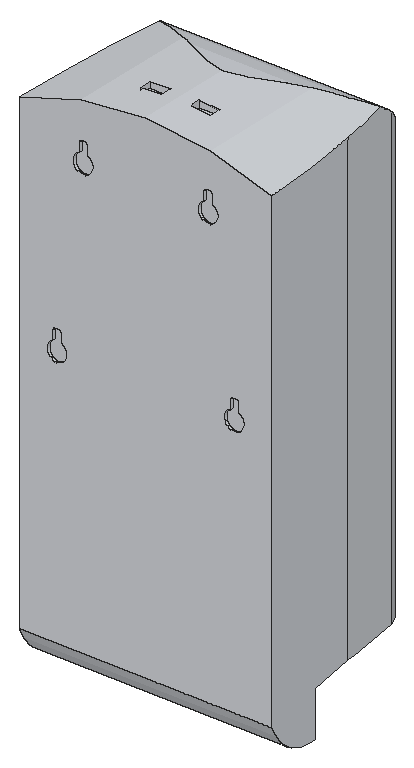
Revit family "AX9428-F-W_0002", category Appareils sanitaires, Revit 2016
Family settings
  Hôte = Mur
  Type d'élément = Normal
  Cote de connecteur circulaire = Utiliser le diamètre
  Numéro OmniClass = 23.75.00.00
  Titre OmniClass = Climate Control (HVAC)
  Toujours verticalement = Oui
  Couper avec des vides une fois chargée = Non
  Partagée = Non
  Point de calcul de pièce = Non
Parameters (values of type "Type 1")
  URL = "https://www.axeuro.com/fr/distributeurs-de-savon-automatiques/26163-distributeur-de-savon-mousse-ax9428-f-w-3700926008612.html"
  Type de produit / Type of product = "Distributeur automatique de savon mousse / Automatic foam soap dispenser"  # constant formula
  Référence / Reference = "AX9428-F-W"  # constant formula
  Model = ""
  Manufacturer = ""
  Entreprise / Company = "Axeuro"  # constant formula
  Description = ""
Reference planes
  plane 1 "Mur": y = 0
  plane 2 "Centre (gauche/droite)": x = 0
  plane 3 "Arrière": y = 75
Forms (mm)
  Extrusion 1, solid
    sketch origin (-77.512, -843.29, 697.011) x (1, 0, 0) y (0, 1, 0)
      loop
        arc (131.512, 918.29) -> (130.153, 940.821) -> (128.012, 963.29) r 649.548
        arc (128.012, 963.29) -> (126.063, 977.837) -> (123.512, 992.29) r 353.068
        arc (123.512, 992.29) -> (115.839, 1002.832) -> (104.512, 1009.29) r 31.018
        arc (104.512, 1009.29) -> (91.171, 1012.368) -> (77.512, 1013.29) r 86.032
        arc (77.512, 1013.29) -> (63.852, 1012.368) -> (50.512, 1009.29) r 86.032
        arc (50.512, 1009.29) -> (39.184, 1002.832) -> (31.512, 992.29) r 31.018
        arc (31.512, 992.29) -> (28.96, 977.837) -> (27.012, 963.29) r 353.068
        arc (27.012, 963.29) -> (24.871, 940.821) -> (23.512, 918.29) r 649.548
        line (23.512, 918.29) -> (131.512, 918.29)
    from 19 to 250
  Extrusion 2, void
    sketch origin (0, 0, 0) x (0, 1, 0) y (0, 0, 1)
      loop
        line (75, 947.011) -> (116, 947.011)
        arc (116, 947.011) -> (145.264, 936.029) -> (164, 911.011) r 55.682
        arc (164, 911.011) -> (168.938, 842.1) -> (169, 773.011) r 978.153
        arc (169, 773.011) -> (167.893, 733.278) -> (166.162, 693.567) r 2533.882
        line (166.162, 693.567) -> (199, 693.567) -> (199, 951.011) -> (75, 951.011) -> (75, 947.011)
    from -80.116 to 80
  Extrusion 3, void
    sketch origin (0, 75, 0) x (1, 0, 0) y (0, 0, 1)
      loop
        line (54, 936.011) -> (64, 936.011) -> (64, 956.011) -> (-62.501, 956.011) -> (-62.501, 936.011) -> (-54, 936.011)
        arc (-54, 936.011) -> (0, 947.011) -> (54, 936.011) r 138.045
    from -132.668 to 15.486
  Extrusion 4, void
    sketch origin (0, 75, 39) x (1, 0, 0) y (0, 0, 1)
      loop
        line (52.604, 677.014) -> (52.604, 695.511)
        arc (52.604, 695.511) -> (51.871, 697.281) -> (50.102, 698.014) r 2.502
        arc (50.102, 698.014) -> (25.078, 696.225) -> (0, 695.511) r 584.194
        arc (0, 695.511) -> (-25.078, 696.225) -> (-50.102, 698.014) r 584.194
        arc (-50.102, 698.014) -> (-51.871, 697.281) -> (-52.604, 695.511) r 2.502
        line (-52.604, 695.511) -> (-52.604, 677.014) -> (52.604, 677.014)
    from -109.954 to -25
  Extrusion 5, void
    sketch origin (0, 0, 39) x (0, 1, 0) y (0, 0, 1)
      loop
        line (75, 677.011) -> (98, 677.011)
        arc (98, 677.011) -> (83.991, 681.405) -> (75, 693.011) r 24.531
        line (75, 693.011) -> (75, 677.011)
    from -80.116 to 80
  Extrusion 6, void
    sketch origin (112.858, 75, 26.939) x (1, 0, 0) y (0, 0, 1)
      loop
        arc (-111.303, 844.075) -> (-112.858, 845.073) -> (-114.413, 844.075) r 1.711
        arc (-114.413, 844.075) -> (-121.302, 831.496) -> (-126.349, 818.073) r 101.512
        arc (-126.349, 818.073) -> (-112.858, 805.073) -> (-99.367, 818.073) r 13.5
        arc (-99.367, 818.073) -> (-104.414, 831.496) -> (-111.303, 844.075) r 101.512
    from -95.83 to -91.001
  Extrusion 7, void
    sketch origin (50.861, -108.869, 0) x (1, 0, 0) y (0, 1, 0)
      loop
        line (-65.861, 204.869) -> (-65.861, 199.869) -> (-56.861, 199.869) -> (-56.861, 204.869) -> (-65.861, 204.869)
    from 943.887 to 949.708
  Extrusion 8, void
    sketch origin (-50.861, -108.869, 0) x (-1, 0, 0) y (0, -1, 0)
      loop
        line (-65.861, -204.869) -> (-56.861, -204.869) -> (-56.861, -199.869) -> (-65.861, -199.869) -> (-65.861, -204.869)
    from 943.887 to 949.708
  Extrusion 9, void
    sketch origin (0, 75, 5.868) x (1, 0, 0) y (0, 0, 1)
      loop
        circle (0, 814.143) r 3
    from -95.83 to -92.164
  Extrusion 10, void
    sketch origin (-82.664, 0, 30.78) x (1, 0, 0) y (0, 0, 1)
      loop
        arc (107.614, 893.102) -> (109.414, 885.002) -> (111.214, 893.102) r 4.25
        line (111.214, 893.102) -> (111.214, 897.067)
        arc (111.214, 897.067) -> (109.414, 898.232) -> (107.614, 897.067) r 1.974
        line (107.614, 897.067) -> (107.614, 893.102)
    from -76.045 to -75
  Extrusion 11, void
    sketch origin (71.414, 0, -45.22) x (-1, 0, 0) y (0, 0, -1)
      loop
        line (107.614, -893.102) -> (107.614, -897.067)
        arc (107.614, -897.067) -> (109.414, -898.232) -> (111.214, -897.067) r 1.974
        line (111.214, -897.067) -> (111.214, -893.102)
        arc (111.214, -893.102) -> (109.414, -885.002) -> (107.614, -893.102) r 4.25
    from -76.045 to -75
  Extrusion 12, void
    sketch origin (-136.164, 0, 30.78) x (1, 0, 0) y (0, 0, 1)
      loop
        arc (107.614, 893.102) -> (109.414, 885.002) -> (111.214, 893.102) r 4.25
        line (111.214, 893.102) -> (111.214, 897.067)
        arc (111.214, 897.067) -> (109.414, 898.232) -> (107.614, 897.067) r 1.974
        line (107.614, 897.067) -> (107.614, 893.102)
    from -76.045 to -75
  Extrusion 13, void
    sketch origin (-71.414, 0, -45.22) x (1, 0, 0) y (0, 0, 1)
      loop
        arc (107.614, 893.102) -> (109.414, 885.002) -> (111.214, 893.102) r 4.25
        line (111.214, 893.102) -> (111.214, 897.067)
        arc (111.214, 897.067) -> (109.414, 898.232) -> (107.614, 897.067) r 1.974
        line (107.614, 897.067) -> (107.614, 893.102)
    from -76.045 to -75
Cuts and joins
  Extrusion 2, Extrusion 3, Extrusion 4, Extrusion 5, Extrusion 6, Extrusion 7, Extrusion 8, Extrusion 9, Extrusion 10, Extrusion 11, Extrusion 12, Extrusion 13 cuts Extrusion 1
Lines and regions (mm)
  reference lines
    curve 1: line (0, 75, 947.011) -> (0, 75, 823.011)
    curve 2: line (0, 75, 873.011) -> (0, 75, 947.011)
Text (mm)
  text "Côté de la mise en place" at (-1820.995, 1116.779, 0), in view "Niveau de réf."
  text "Côté de la mise en place" at (0, 1334.055, 2976.191), in view "Gauche"
  text "Côté de la mise en place" at (0, 439.194, 2944.362), in view "Droite"
Dimensions and locks
  locked: plane 3 "Arrière" to host wall
  aligned and locked: plane 1 "Mur" to host wall
